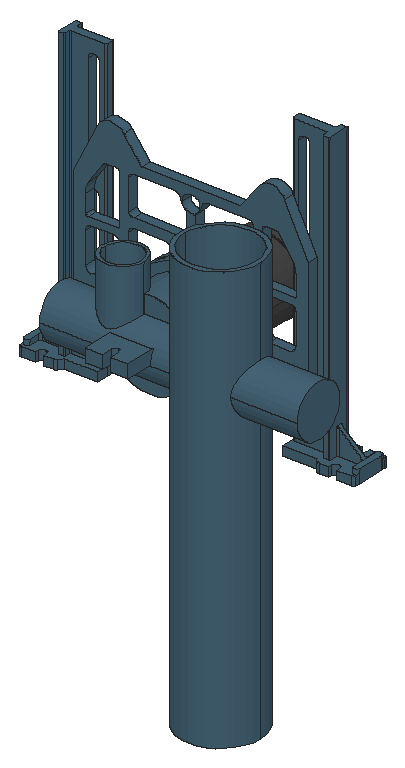
Revit family "Carrier_Closet_Offset_Vertical-Zurn-Z1209N", category Plumbing Fixtures, Revit 2022 (continued)
Automatic sketch dimensions
  Extrusion 11 sketch curve to plane 70 = 0.05506"
  Extrusion 11 sketch curve to plane 70 = 0.04728"
  Extrusion 11 sketch curve to plane 70 = 0.02186"
  plane 61 to Extrusion 11 sketch curve = 0.00424"
  plane 61 to Extrusion 11 sketch curve = 0.00874"
  plane 61 to Extrusion 11 sketch curve = 0.1875"  (x3)
  plane 130 "Offset Plane" to Extrusion 11 sketch curve = 0.00815"
  Extrusion 11 sketch curve to plane 39 = 0.15364"
  Extrusion 11 sketch curve to plane 39 = 0.12358"
  plane 39 to Extrusion 11 sketch curve = 0.1875"
  plane 39 to Extrusion 11 sketch curve = 0.23912"
  Extrusion 11 sketch curve to plane 58 = 0.10661"
  Extrusion 11 sketch curve to Extrusion 11 sketch curve = 0.20479"
  Extrusion 11 sketch curve to plane 42 = 0.31947"
  Extrusion 11 sketch curve to plane 42 = 0.35183"
  Extrusion 11 sketch curve to plane 83 = 0.07726"  (x2)
  plane 81 to Extrusion 11 sketch curve = 0.16644"  (x2)
  Extrusion 11 sketch curve to Extrusion 11 sketch curve = 0.08468"  (x2)
  plane 99 "X Plane" to Extrusion 11 sketch curve = 0.38173"
  Extrusion 11 sketch curve to Extrusion 11 sketch curve = 1.03562"  (x2)
  Extrusion 11 sketch curve to Extrusion 11 sketch curve = 0.17437"  (x2)
  Extrusion 11 sketch curve to Extrusion 11 sketch curve = 0.20966"  (x2)
  Extrusion 11 sketch curve to Extrusion 11 sketch curve = 0.375"  (x2)
  Extrusion 11 sketch curve to plane 79 = 0.625"
  plane 75 to Extrusion 11 sketch curve = 0.20528"
  plane 37 to Extrusion 11 sketch curve = 0.17759"  (x2)
  Extrusion 11 sketch curve to Extrusion 11 sketch curve = 0.31937"  (x2)
  Extrusion 11 sketch curve to plane 70 = 0.23153"
  Revolve 12 sketch curve to plane 3 "Center (Left/Right)" = 0.000"
  plane 44 to Revolve 12 sketch curve = 0.04891"
  plane 77 to Revolve 12 sketch curve = 0.03962"
  Revolve 12 sketch curve to Revolve 12 sketch curve = 0.08612"
  plane 94 to Revolve 12 sketch curve = 0.500"
  Revolve 12 sketch curve to plane 103 "MIDD" = 0.250"
  Extrusion 16 sketch curve to plane 3 "Center (Left/Right)" = 0.21046"
  curve 5 to plane 102 = 0.000"
  curve 5 to plane 101 = 0.000"
  Extrusion 22 sketch curve to plane 45 "Horizontal Mid Plane" = 0.000"
  Extrusion 22 sketch curve to plane 103 "MIDD" = 0.000"
  Masking region 2 sketch curve to plane 137 "Offset R plane" = 0.000"  (x2)
  Masking region 2 sketch curve to plane 103 "MIDD" = 0.000"
  plane 93 "N Plane for N42" to Masking region 2 sketch curve = 0.03125"
  Masking region 2 sketch curve to plane 103 "MIDD" = 0.00132"
  Masking region 2 sketch curve to Masking region 2 sketch curve = 0.0038"
  Masking region 2 sketch curve to plane 8 = 0.0625"
  plane 124 to Masking region 2 sketch curve = 0.28075"
  Masking region 2 sketch curve to plane 137 "Offset R plane" = 0.00288"
  Masking region 2 sketch curve to plane 97 = 0.01699"
  Masking region 2 sketch curve to Masking region 2 sketch curve = 0.000"
  Masking region 1 sketch curve to plane 8 = 0.000"
  Masking region 1 sketch curve to plane 132 "New Plane 2" = 0.000"
  Masking region 1 sketch curve to plane 122 = 0.000"
  Masking region 1 sketch curve to plane 115 = 0.000"  (x2)
  Masking region 1 sketch curve to plane 3 "Center (Left/Right)" = 0.000"
  Masking region 1 sketch curve to plane 42 = 0.000"  (x2)
  Masking region 1 sketch curve to plane 9 = 0.000"
  Masking region 1 sketch curve to plane 74 = 0.000"
  Masking region 1 sketch curve to plane 73 = 0.000"
  plane 121 to Masking region 1 sketch curve = 0.09708"
  plane 118 to Masking region 1 sketch curve = 0.0441"
  plane 102 to Masking region 1 sketch curve = 0.0005"
  Masking region 1 sketch curve to plane 3 "Center (Left/Right)" = 0.21046"
  plane 119 to Masking region 1 sketch curve = 0.03215"
  Masking region 1 sketch curve to plane 44 = 0.10176"
  Masking region 1 sketch curve to plane 78 = 0.27847"
  plane 39 to Masking region 1 sketch curve = 0.500"
  Masking region 1 sketch curve to plane 88 "N Plane for N32" = 0.18399"
  plane 88 "N Plane for N32" to Masking region 1 sketch curve = 0.33889"
  plane 88 "N Plane for N32" to Masking region 1 sketch curve = 0.3932"
  plane 93 "N Plane for N42" to Masking region 1 sketch curve = 0.03125"
  Masking region 1 sketch curve to plane 77 = 0.09259"  (x2)
  Masking region 3 sketch curve to plane 131 "New Plane 1" = 0.000"
  Masking region 3 sketch curve to plane 130 "Offset Plane" = 0.000"
  plane 93 "N Plane for N42" to Masking region 3 sketch curve = 0.03144"
  Masking region 3 sketch curve to plane 42 = 0.46715"
  plane 124 to Masking region 3 sketch curve = 0.28075"
  Masking region 1 sketch curve to plane 70 = 0.04728"
  curve 4 to plane 103 "MIDD" = 0.000"
  curve 7 to plane 45 "Horizontal Mid Plane" = 0.000"
  curve 8 to plane 103 "MIDD" = 0.000"
  Masking region 1 sketch curve to plane 104 = 0.000"
  Revolve 13 sketch curve to plane 66 = 0.000"
  Revolve 13 sketch curve to plane 118 = 0.14916"
  Revolve 13 sketch curve to plane 1 "Center (Front/Back)" = 0.25327"
  plane 65 to Revolve 13 sketch curve = 0.07124"
  Revolve 13 sketch curve to plane 78 = 0.00025"
  Extrusion 17 sketch curve to Extrusion 17 sketch curve = 0.000"
  Extrusion 20 sketch curve to Extrusion 20 sketch curve = 0.000"  (x2)
  Extrusion 21 sketch curve to Extrusion 21 sketch curve = 0.000"  (x2)
  radius of Extrusion 10 sketch curve = 0.500"
  radius of Extrusion 11 sketch curve = 0.3125"  (x2)
  radius of Extrusion 11 sketch curve = 0.250"  (x2)
  radius of Extrusion 11 sketch curve = 2.750"
  radius of Extrusion 15 sketch curve = 3.000"
  radius of Extrusion 18 sketch curve = 1.46875"
  radius of Extrusion 19 sketch curve = 2.500"
  radius of Extrusion 22 sketch curve = 1.46875"
Connectors (in)
  piping at (0, 5, 5), diameter 4, driven by "Coupling Radius", driven by "Waste Connection"
    settings: on Revolve 13, index 3, connector inside diameter 24", connector length 0.000", flow factor 0, pipe flow 0 GPM, pressure drop 0.00 psi, fitting loss kfactor 0, connector angle 0.00°, fixture units 0, engagement length 0.000", angle of deflection 0.00°, flow configuration 0, flow direction 1, fitting loss method 0, system type 16, joint type 0, gender type 0, connector reference index -1, connector utility 1, adjustable connector no, is connector primary yes, connector description "Water Closet Inlet"
  piping at (-1.5, -3.75, 9.0625), diameter 2, driven by "Vent Pipe Radius (Nominal)", driven by "Vent Connection"
    settings: on Extrusion 17, index 4, connector inside diameter 24", connector length 0.000", flow factor 0, pipe flow 0 GPM, pressure drop 0.00 psi, fitting loss kfactor 0, connector angle 0.00°, fixture units 0, engagement length 0.000", angle of deflection 0.00°, flow configuration 0, flow direction 2, fitting loss method 0, system type 17, joint type 0, gender type 0, connector reference index -1, connector utility 0, adjustable connector no, is connector primary no, connector description "Vent"
  piping at (4, -3.75, -12.6875), diameter 4, driven by "Outlet Pipe Radius (Nominal)", driven by "Waste Connection"
    settings: on Extrusion 14, index 5, connector inside diameter 24", connector length 0.000", flow factor 0, pipe flow 0 GPM, pressure drop 0.00 psi, fitting loss kfactor 0, connector angle 0.00°, fixture units 0, engagement length 0.000", angle of deflection 0.00°, flow configuration 0, flow direction 2, fitting loss method 0, system type 16, joint type 0, gender type 0, connector reference index -1, connector utility 1, adjustable connector no, is connector primary no, connector description "Sanitary Outlet"
  piping at (4, -3.75, 11.3125), diameter 4, driven by "Outlet Pipe Radius (Nominal)", driven by "Waste Connection"
    settings: on Extrusion 14, index 6, connector inside diameter 24", connector length 0.000", flow factor 0, pipe flow 0 GPM, pressure drop 0.00 psi, fitting loss kfactor 0, connector angle 0.00°, fixture units 0, engagement length 0.000", angle of deflection 0.00°, flow configuration 0, flow direction 1, fitting loss method 0, system type 16, joint type 0, gender type 0, connector reference index -1, connector utility 1, adjustable connector no, is connector primary no, connector description "Sanitary Inlet"
  piping at (-3.99926, -3.75, 11.3125), diameter 4, driven by "Outlet Pipe Radius (Nominal)", driven by "Waste Connection"
    settings: on Extrusion 20, index 7, connector inside diameter 24", connector length 0.000", flow factor 0, pipe flow 0 GPM, pressure drop 0.00 psi, fitting loss kfactor 0, connector angle 0.00°, fixture units 0, engagement length 0.000", angle of deflection 0.00°, flow configuration 0, flow direction 1, fitting loss method 0, system type 16, joint type 0, gender type 0, connector reference index -1, connector utility 1, adjustable connector no, is connector primary no, connector description "Sanitary Inlet"
  piping at (-3.99926, -3.75, -12.6875), diameter 4, driven by "Outlet Pipe Radius (Nominal)", driven by "Waste Connection"
    settings: on Extrusion 20, index 8, connector inside diameter 24", connector length 0.000", flow factor 0, pipe flow 0 GPM, pressure drop 0.00 psi, fitting loss kfactor 0, connector angle 0.00°, fixture units 0, engagement length 0.000", angle of deflection 0.00°, flow configuration 0, flow direction 2, fitting loss method 0, system type 16, joint type 0, gender type 0, connector reference index -1, connector utility 1, adjustable connector no, is connector primary no, connector description "Sanitary Outlet"
  piping at (1.5, -3.75, 8.5625), diameter 2, driven by "Vent Pipe Radius (Nominal)", driven by "Vent Connection"
    settings: on Extrusion 21, index 9, connector inside diameter 24", connector length 0.000", flow factor 0, pipe flow 0 GPM, pressure drop 0.00 psi, fitting loss kfactor 0, connector angle 0.00°, fixture units 0, engagement length 0.000", angle of deflection 0.00°, flow configuration 0, flow direction 2, fitting loss method 0, system type 17, joint type 0, gender type 0, connector reference index -1, connector utility 0, adjustable connector no, is connector primary no, connector description "Vent"
Types (3): name | Vertical Offset Pipe_NR4 | Vertical Offset Pipe_NL4 | Vent_NR4 | Vent_NL4 | Model lines_NR4 | Model Lines_NL4 | Masking region_NR4 | Masking region_NL4 | Horizontal Pipe_NR4 | Horizontal Pipe_NL4 | Assembly Code
  (no name) | yes | no | yes | no | yes | no | yes | no | yes | no | ""
  Z1209-NL4 | no | yes | no | yes | no | yes | no | yes | no | yes | "D2010110"
  Z1209-NR4 | yes | no | yes | no | yes | no | yes | no | yes | no | ""
